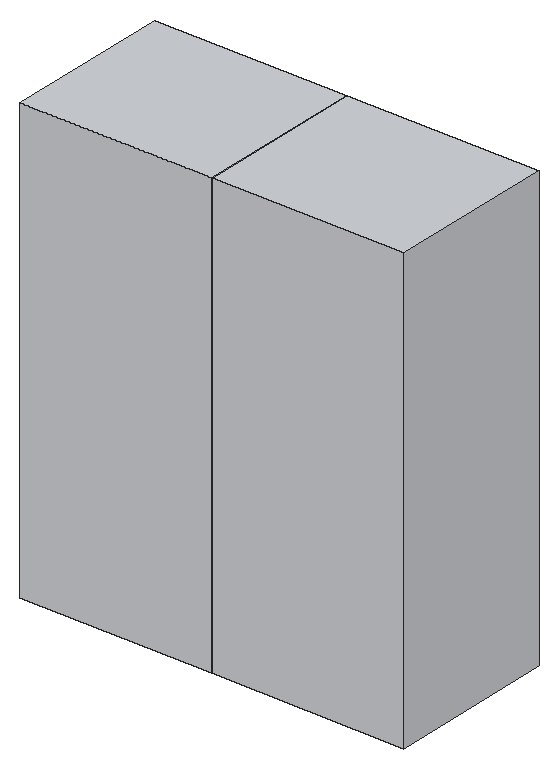
Revit family "Locker Bank", category Generic Models, Revit 2025
Family settings
  Can host rebar = No
  Round Connector Dimension = Use Diameter
  Part Type = Normal
  Work Plane-Based = No
  Always vertical = Yes
  Cut with Voids When Loaded = No
  Maintain Annotation Orientation = No
  Shared = No
  Room Calculation Point = No
Parameters
  Total_Width = Module_Width * Column_Count  # 800 mm
  Module_Width = 800 mm
  Module_Height = 2000 mm
  Module_Depth = 700 mm
  Leg_Height = 150 mm
  Default Elevation = 0 mm
  Column_Count = 1
Reference planes
  plane 1 "Center (Front/Back)": y = 0
  plane 2: z = 0
  plane 3 "Center (Left/Right)": x = 0
  plane 4: x = 800
  plane 5: y = 700
  plane 6: z = 2000
Forms (mm)
  Extrusion 1, solid
    sketch origin (0, 0, 0) x (1, 0, 0) y (0, 1, 0)
      loop
        line (0, 0) -> (800, 0) -> (800, 700) -> (0, 700) -> (0, 0)
    from 150 <- "Leg_Height" to 2000
  Extrusion 2, solid
    sketch origin (800, 0, 0) x (1, 0, 0) y (0, 1, 0)
      loop
        line (0, 0) -> (800, 0) -> (800, 700) -> (0, 700) -> (0, 0)
    from 150 <- "Leg_Height" to 2000
Dimensions and locks
  "Module_Depth": plane 1 "Center (Front/Back)" to plane 5
  "Module_Width": plane 3 "Center (Left/Right)" to plane 4
  "Module_Height": plane 6 to level
  group 1 to group 2 = 800 mm
  group 1 to group 2 = 0 mm  (x2)
  aligned and locked: level to plane 2
  aligned and locked: plane 6 to Extrusion 1
Automatic sketch dimensions
  Extrusion 1 sketch curve to Extrusion 1 sketch curve = 800 mm
  Extrusion 1 sketch curve to Extrusion 1 sketch curve = 700 mm
  Extrusion 2 sketch curve to Extrusion 2 sketch curve = 800 mm
  Extrusion 2 sketch curve to Extrusion 2 sketch curve = 700 mm
